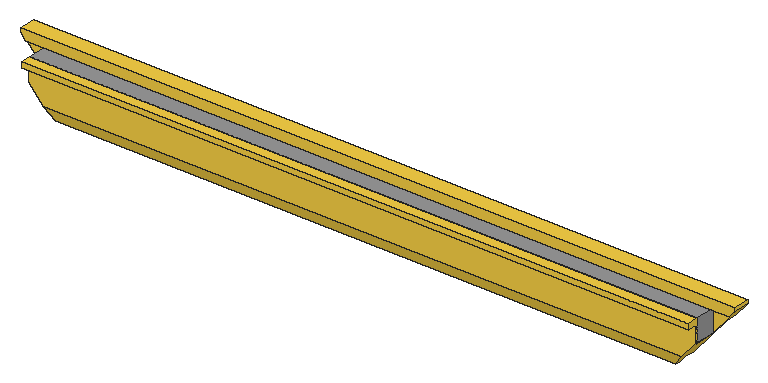
Revit family "CC4_EDGE BEAM 1.57_1870465", category Generic Models, Revit 2018
Family settings
  Can host rebar = No
  Round Connector Dimension = Use Diameter
  Part Type = Normal
  OmniClass Number = 35.51.14.00
  OmniClass Title = FORMWORK
  Work Plane-Based = Yes
  Always vertical = No
  Cut with Voids When Loaded = No
  Shared = Yes
  Room Calculation Point = No
Parameters
  VERSION = "20190101"  # constant formula
  URL = "www.ulmaconstruction.com/en"
  UNICLASS = ""
  ITEM_CODE = "1870465"
  Manufacturer = "ULMA CONSTRUCTION"  # constant formula
  FILTER [instance] = ""
  Default Elevation = 0.000 mm
  CLASSIFICATION_TITLE = ""
  CLASSIFICATION_NUMBER = ""
Reference planes
  plane 1 "Centro (Frontal/Posterior)": y = 0
  plane 2: z = 0
  plane 3 "Centro (Izquierda/Derecha)": x = 0
  plane 4 "ITEM_LENGTH": x = -1570
Forms (mm)
  Extrusion 1, solid, material "ULMA YELLOW", detail levels fine
    sketch origin (0, 0, 0) x (0, 1, 0) y (0, 0, 1)
      loop
        line (0, 0) -> (-35, 0) -> (-35, -20) -> (-30.5, -20) -> (-30.5, -71) -> (-71.5, -71) -> (-71.5, -20) -> (-94.5, -20) -> (-94.5, -31.2) -> (-74.5, -31.2) -> (-74.5, -102.8) -> (-66.639, -125) -> (-56.703, -125) -> (-59.287, -105.365)
        arc (-59.287, -105.365) -> (-57.058, -102.254) -> (-53.807, -104.275) r 2.8
        line (-53.807, -104.275) -> (-51.36, -113.407) -> (-30.939, -118.878) -> (-27.5, -116.73) -> (-27.5, -31.2) -> (-7.5, -31.2) -> (-7.5, -20) -> (0, -20) -> (0, 0)
    from -1535 to -35
  Extrusion 2, solid, material "ULMA POLYPROPYLENE BLACK", detail levels medium+fine
    sketch origin (0, 0, 0) x (0, 1, 0) y (0, 0, 1)
      loop
        line (-71.5, -20) -> (-71.5, -71) -> (-30.5, -71) -> (-30.5, -20) -> (-71.5, -20)
    from -1535 to -35
  Extrusion 3, void
    sketch origin (0, 0, 0) x (1, 0, 0) y (0, 0, 1)
      loop
        line (-134.014, -125) -> (-134.014, -127) -> (-33, -127) -> (-33, -7) -> (-35, -7) -> (-134.014, -125)
    from 0 to 250
  Extrusion 4, void
    sketch origin (0, 0, 0) x (1, 0, 0) y (0, 0, 1)
      loop
        line (-1535, -7) -> (-1537, -7) -> (-1537, -127) -> (-1435.986, -127) -> (-1435.986, -125) -> (-1535, -7)
    from 0 to 250
  Extrusion 5, void
    sketch origin (0, 0, 0) x (1, 0, 0) y (0, 0, 1)
      loop
        line (-1485, -20) -> (-1525, -20) -> (-1525, -70) -> (-1485, -70) -> (-1485, -20)
    from 30.5 to 250
  Extrusion 6, void
    sketch origin (0, 0, 0) x (1, 0, 0) y (0, 0, 1)
      loop
        line (-85, -20) -> (-85, -70) -> (-45, -70) -> (-45, -20) -> (-85, -20)
    from 30.5 to 250
  Extrusion 7, solid, material "ULMA YELLOW", detail levels medium
    sketch origin (0, 0, 0) x (0, 1, 0) y (0, 0, 1)
      loop
        line (-35, 0) -> (-35, -20) -> (-30.5, -20) -> (-30.5, -71) -> (-71.5, -71) -> (-71.5, -20) -> (-94.5, -20) -> (-94.5, -31.2) -> (-74.5, -31.2) -> (-74.5, -125) -> (-27.5, -125) -> (-27.5, -31.2) -> (0, -31.2) -> (0, 0) -> (-35, 0)
    from -1535 to -35
Cuts and joins
  Extrusion 3, Extrusion 4, Extrusion 5, Extrusion 6 cuts Extrusion 1
  Extrusion 3, Extrusion 4, Extrusion 5, Extrusion 6 cuts Extrusion 2
  Extrusion 3, Extrusion 4, Extrusion 5, Extrusion 6 cuts Extrusion 7
Lines and regions (mm)
  model lines, style "ULMA EDGE BEAM", detail levels coarse
    curve 1: line (-1480, -80, 0) -> (-90, -80, 0)
    curve 2: line (-1480, 80, 0) -> (-1480, -80, 0)
    curve 3: line (-90, 80, 0) -> (-1480, 80, 0)
    curve 4: line (-90, -80, 0) -> (-90, 80, 0)
Dimensions and locks
  locked: plane 3 "Centro (Izquierda/Derecha)" to plane 4 "ITEM_LENGTH" at 1570
  aligned and locked: level to plane 2
